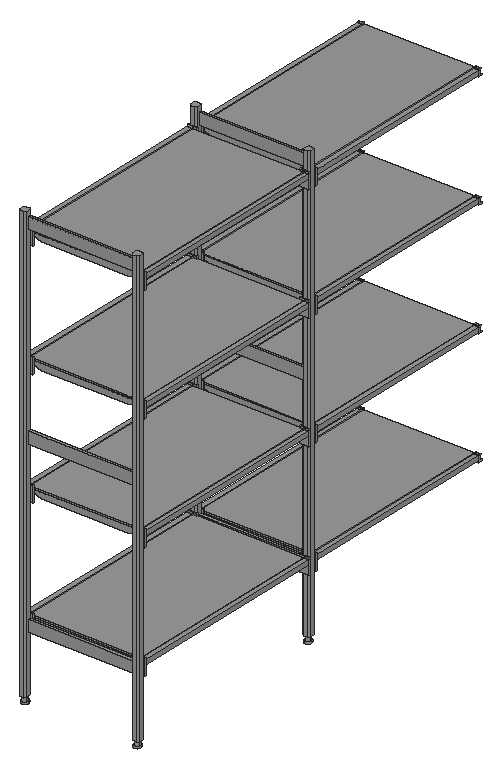
Revit family "QF_ZANUSSI_137080_CLS1664", category Attrezzature speciali, Revit 2020 (continued)
Definition of nested family "WT_Aggancio475"
  Dimensions and locks
    plane 5 "TOP" to plane 9 "FEET" = 1700.0 mm
    plane 10 to plane 9 "FEET" = 250.0 mm
    plane 11 to plane 10 = 450.0 mm
    plane 12 to plane 11 = 450.0 mm
    plane 13 to plane 12 = 450.0 mm
    locked: plane 3 "BACK" to plane 15 "CYBack" at 17.5
    locked: plane 16 "CYFront" to plane 4 "FRONT" at 17.5
    aligned and locked: level to plane 1
    aligned and locked: Extrusion 1 sketch curve to Extrusion 1 sketch curve  (x3)
  Automatic sketch dimensions
    plane 16 "CYFront" to Extrusion 1 sketch curve = 1.478 mm  (x4)
    Extrusion 1 sketch curve to Extrusion 1 sketch curve = 2.0 mm
    plane 8 to Extrusion 1 sketch curve = 3.478 mm  (x4)
    Extrusion 1 sketch curve to plane 10 = 4.006 mm
    Extrusion 1 sketch curve to Extrusion 1 sketch curve = 34.0 mm  (x4)
    Extrusion 1 sketch curve to plane 11 = 4.006 mm
    Extrusion 1 sketch curve to plane 12 = 4.006 mm
    Extrusion 1 sketch curve to plane 13 = 4.006 mm
    Extrusion 1 sketch curve to plane 7 = 37.522 mm  (x4)
    Extrusion 1 sketch curve to plane 7 = 3.522 mm  (x4)
    plane 14 to Extrusion 1 sketch curve = 3.516 mm  (x4)
    plane 14 to Extrusion 1 sketch curve = 1.522 mm  (x4)
    plane 10 to Extrusion 1 sketch curve = 7.998 mm  (x2)
    Extrusion 1 sketch curve to Extrusion 1 sketch curve = 11.498 mm  (x4)
    Extrusion 1 sketch curve to Extrusion 1 sketch curve = 6.499 mm  (x8)
    plane 11 to Extrusion 1 sketch curve = 7.998 mm  (x2)
    plane 12 to Extrusion 1 sketch curve = 7.998 mm  (x2)
    plane 13 to Extrusion 1 sketch curve = 7.998 mm  (x2)
    plane 2 "LEFT" to Extrusion 2 sketch curve = 0.0 mm  (x4)
    plane 13 to Extrusion 2 sketch curve = 7.996 mm
    plane 11 to Extrusion 2 sketch curve = 7.996 mm
    Extrusion 2 sketch curve to Extrusion 2 sketch curve = 5.0 mm  (x4)
    plane 11 to Extrusion 2 sketch curve = 2.494 mm
    plane 10 to Extrusion 2 sketch curve = 28.996 mm
    Extrusion 2 sketch curve to Extrusion 2 sketch curve = 3.0 mm  (x4)
    plane 10 to Extrusion 2 sketch curve = 7.996 mm
    plane 10 to Extrusion 2 sketch curve = 2.494 mm
    Extrusion 2 sketch curve to Extrusion 2 sketch curve = 18.0 mm  (x3)
    plane 12 to Extrusion 2 sketch curve = 2.494 mm
    plane 12 to Extrusion 2 sketch curve = 7.996 mm
    plane 13 to Extrusion 2 sketch curve = 2.494 mm
    plane 2 "LEFT" to Extrusion 3 sketch curve = 0.0 mm  (x4)
    plane 13 to Extrusion 3 sketch curve = 7.996 mm
    plane 11 to Extrusion 3 sketch curve = 7.996 mm
    Extrusion 3 sketch curve to Extrusion 3 sketch curve = 5.0 mm  (x4)
    plane 11 to Extrusion 3 sketch curve = 2.494 mm
    plane 10 to Extrusion 3 sketch curve = 28.996 mm
    Extrusion 3 sketch curve to Extrusion 3 sketch curve = 3.0 mm  (x4)
    plane 10 to Extrusion 3 sketch curve = 7.996 mm
    plane 10 to Extrusion 3 sketch curve = 2.494 mm
    Extrusion 3 sketch curve to Extrusion 3 sketch curve = 18.0 mm  (x3)
    plane 12 to Extrusion 3 sketch curve = 2.494 mm
    plane 12 to Extrusion 3 sketch curve = 7.996 mm
    plane 13 to Extrusion 3 sketch curve = 2.494 mm
    plane 2 "LEFT" to curve 1 = 5.0 mm
    plane 2 "LEFT" to curve 7 = 5.0 mm
    curve 1 to plane 16 "CYFront" = 17.5 mm
    curve 3 to plane 8 = 12.522 mm
    plane 7 to curve 5 = 12.478 mm
    curve 7 to plane 14 = 17.5 mm
    curve 5 to curve 5 = 4.0 mm
    curve 1 to curve 4 = 4.0 mm
    Extrusion 2 sketch curve to Extrusion 2 sketch curve = 4.0 mm  (x4)
    Extrusion 2 sketch curve to Extrusion 2 sketch curve = 8.969 mm  (x4)
    Extrusion 3 sketch curve to Extrusion 3 sketch curve = 4.0 mm  (x4)
    Extrusion 3 sketch curve to Extrusion 3 sketch curve = 8.969 mm  (x4)
